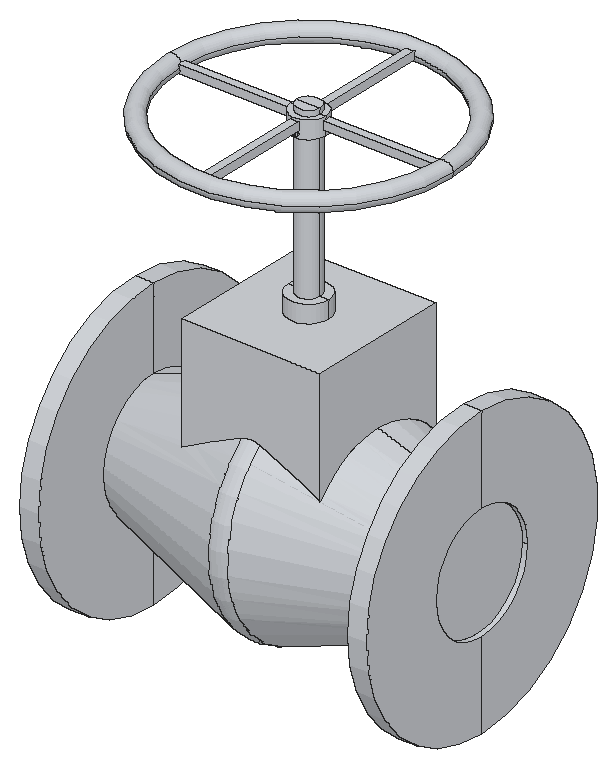
Revit family "Pipe_Accessories-Bellows_Stop_Valve-Spirax_Sarco-BSAT", category Pipe Accessories, Revit 2013 (continued)
Types in the file's own list only (83): name | Weight | WarrantyDurationUnit | TypeName | Type Comments | StemRadius | StemDia | SteerRingRadius | SteerRingDia | SteerRingPosition | Size | RibWidth | RibThickness | ModelNumber | MatchingPipeRadius | MatchingPipeDiameter | Model | LockingScrewRadius | LockingScrewDia | FlangeThickness | FlangeDiameter | CenterBallProfile_2 | CenterBallProfile_1 | C | BonnetWidth | BonnetHeight | BonnetDepth | B | Assembly Code | A
  BSA2T-PN16-DN25 | "5" | "Years" | "BSA2T-PN16-DN25" | "BSA2T-PN16-DN25" | 10.00 mm | 20.00 mm | 9.00 mm | 18.00 mm | 53.50 mm | "BSA2T-PN16-DN25" | 8.00 mm | 6.00 mm | "Stainless Steel Bellows Sealed Stop Valve" | 12.50 mm | 25.00 mm | "Stainless Steel Bellows Sealed Stop Valve" | 2.50 mm | 5.00 mm | 22.00 mm | 125.00 mm | 40.00 mm | 27.50 mm | 125.00 mm | 64.00 mm | 75.00 mm | 62.50 mm | 217.00 mm | "D30" | 160.00 mm
  BSA2T-PN16-DN20 | "4" | "Years" | "BSA2T-PN16-DN20" | "BSA2T-PN16-DN20" | 10.00 mm | 20.00 mm | 9.00 mm | 18.00 mm | 53.50 mm | "BSA2T-PN16-DN20" | 8.00 mm | 6.00 mm | "Stainless Steel Bellows Sealed Stop Valve" | 10.00 mm | 20.00 mm | "Stainless Steel Bellows Sealed Stop Valve" | 2.50 mm | 5.00 mm | 20.00 mm | 125.00 mm | 40.00 mm | 27.50 mm | 125.00 mm | 60.00 mm | 75.00 mm | 62.50 mm | 205.00 mm | "D30" | 150.00 mm
  BSA2T-PN16-DN15 | "4" | "Years" | "BSA2T-PN16-DN15" | "BSA2T-PN16-DN15" | 10.00 mm | 20.00 mm | 9.00 mm | 18.00 mm | 53.50 mm | "BSA2T-PN16-DN15" | 8.00 mm | 6.00 mm | "Stainless Steel Bellows Sealed Stop Valve" | 7.50 mm | 15.00 mm | "Stainless Steel Bellows Sealed Stop Valve" | 2.50 mm | 5.00 mm | 19.50 mm | 125.00 mm | 40.00 mm | 27.50 mm | 125.00 mm | 52.00 mm | 75.00 mm | 62.50 mm | 205.00 mm | "D30" | 130.00 mm
  BSA1T-PN16-DN200 | "145" | "Years" | "BSA1T-PN16-DN200" | "BSA1T-PN16-DN200" | 20.00 mm | 40.00 mm | 15.00 mm | 30.00 mm | 235.00 mm | "BSA1T-PN16-DN200" | 14.00 mm | 14.00 mm | "Stainless Steel Bellows Sealed Stop Valve" | 100.00 mm | 200.00 mm | "Stainless Steel Bellows Sealed Stop Valve" | 3.00 mm | 6.00 mm | 32.00 mm | 500.00 mm | 160.00 mm | 110.00 mm | 500.00 mm | 240.00 mm | 300.00 mm | 250.00 mm | 622.00 mm | "D30" | 600.00 mm
  BSA1T-PN16-DN150 | "75" | "Years" | "BSA1T-PN16-DN150" | "BSA1T-PN16-DN150" | 20.00 mm | 40.00 mm | 15.00 mm | 30.00 mm | 142.50 mm | "BSA1T-PN16-DN150" | 14.00 mm | 14.00 mm | "Stainless Steel Bellows Sealed Stop Valve" | 75.00 mm | 150.00 mm | "Stainless Steel Bellows Sealed Stop Valve" | 3.00 mm | 6.00 mm | 31.00 mm | 315.00 mm | 100.80 mm | 69.30 mm | 315.00 mm | 192.00 mm | 189.00 mm | 157.50 mm | 450.00 mm | "D30" | 480.00 mm
  BSA1T-PN16-DN125 | "52" | "Years" | "BSA1T-PN16-DN125" | "BSA1T-PN16-DN125" | 20.00 mm | 40.00 mm | 15.00 mm | 30.00 mm | 142.50 mm | "BSA1T-PN16-DN125" | 14.00 mm | 14.00 mm | "Stainless Steel Bellows Sealed Stop Valve" | 62.50 mm | 125.00 mm | "Stainless Steel Bellows Sealed Stop Valve" | 3.00 mm | 6.00 mm | 30.00 mm | 315.00 mm | 100.80 mm | 69.30 mm | 315.00 mm | 160.00 mm | 189.00 mm | 157.50 mm | 416.00 mm | "D30" | 400.00 mm
  BSA1T-PN16-DN100 | "36" | "Years" | "BSA1T-PN16-DN100" | "BSA1T-PN16-DN100" | 20.00 mm | 40.00 mm | 15.00 mm | 30.00 mm | 142.50 mm | "BSA1T-PN16-DN100" | 14.00 mm | 14.00 mm | "Stainless Steel Bellows Sealed Stop Valve" | 50.00 mm | 100.00 mm | "Stainless Steel Bellows Sealed Stop Valve" | 3.00 mm | 6.00 mm | 29.00 mm | 315.00 mm | 100.80 mm | 69.30 mm | 315.00 mm | 140.00 mm | 189.00 mm | 157.50 mm | 383.00 mm | "D30" | 350.00 mm
  BSA1T-PN16-DN80 | "21" | "Years" | "BSA1T-PN16-DN80" | "BSA1T-PN16-DN80" | 20.00 mm | 40.00 mm | 12.50 mm | 25.00 mm | 87.50 mm | "BSA1T-PN16-DN80" | 14.00 mm | 14.00 mm | "Stainless Steel Bellows Sealed Stop Valve" | 40.00 mm | 80.00 mm | "Stainless Steel Bellows Sealed Stop Valve" | 3.00 mm | 6.00 mm | 28.00 mm | 200.00 mm | 64.00 mm | 44.00 mm | 200.00 mm | 124.00 mm | 120.00 mm | 100.00 mm | 287.00 mm | "D30" | 310.00 mm
  BSA1T-PN16-DN65 | "16" | "Years" | "BSA1T-PN16-DN65" | "BSA1T-PN16-DN65" | 15.00 mm | 30.00 mm | 12.50 mm | 25.00 mm | 87.50 mm | "BSA1T-PN16-DN65" | 10.00 mm | 10.00 mm | "Stainless Steel Bellows Sealed Stop Valve" | 32.50 mm | 65.00 mm | "Stainless Steel Bellows Sealed Stop Valve" | 3.00 mm | 6.00 mm | 27.00 mm | 200.00 mm | 64.00 mm | 44.00 mm | 200.00 mm | 116.00 mm | 120.00 mm | 100.00 mm | 263.00 mm | "D30" | 290.00 mm
  BSA1T-PN16-DN50 | "12" | "Years" | "BSA1T-PN16-DN50" | "BSA1T-PN16-DN50" | 15.00 mm | 30.00 mm | 12.50 mm | 25.00 mm | 87.50 mm | "BSA1T-PN16-DN50" | 10.00 mm | 10.00 mm | "Stainless Steel Bellows Sealed Stop Valve" | 25.00 mm | 50.00 mm | "Stainless Steel Bellows Sealed Stop Valve" | 3.00 mm | 6.00 mm | 26.00 mm | 200.00 mm | 64.00 mm | 44.00 mm | 200.00 mm | 92.00 mm | 120.00 mm | 100.00 mm | 243.00 mm | "D30" | 230.00 mm
  BSA1T-PN16-DN40 | "10" | "Years" | "BSA1T-PN16-DN40" | "BSA1T-PN16-DN40" | 15.00 mm | 30.00 mm | 12.50 mm | 25.00 mm | 87.50 mm | "BSA1T-PN16-DN40" | 10.00 mm | 10.00 mm | "Stainless Steel Bellows Sealed Stop Valve" | 20.00 mm | 40.00 mm | "Stainless Steel Bellows Sealed Stop Valve" | 2.50 mm | 5.00 mm | 25.00 mm | 200.00 mm | 64.00 mm | 44.00 mm | 200.00 mm | 80.00 mm | 120.00 mm | 100.00 mm | 243.00 mm | "D30" | 200.00 mm
  BSA1T-PN16-DN32 | "7" | "Years" | "BSA1T-PN16-DN32" | "BSA1T-PN16-DN32" | 15.00 mm | 30.00 mm | 12.50 mm | 25.00 mm | 50.00 mm | "BSA1T-PN16-DN32" | 10.00 mm | 10.00 mm | "Stainless Steel Bellows Sealed Stop Valve" | 16.00 mm | 32.00 mm | "Stainless Steel Bellows Sealed Stop Valve" | 2.50 mm | 5.00 mm | 24.00 mm | 125.00 mm | 40.00 mm | 27.50 mm | 125.00 mm | 72.00 mm | 75.00 mm | 62.50 mm | 217.00 mm | "D30" | 180.00 mm
  BSA1T-PN16-DN25 | "5" | "Years" | "BSA1T-PN16-DN25" | "BSA1T-PN16-DN25" | 10.00 mm | 20.00 mm | 9.00 mm | 18.00 mm | 53.50 mm | "BSA1T-PN16-DN25" | 8.00 mm | 6.00 mm | "Stainless Steel Bellows Sealed Stop Valve" | 12.50 mm | 25.00 mm | "Stainless Steel Bellows Sealed Stop Valve" | 2.50 mm | 5.00 mm | 22.00 mm | 125.00 mm | 40.00 mm | 27.50 mm | 125.00 mm | 64.00 mm | 75.00 mm | 62.50 mm | 217.00 mm | "D30" | 160.00 mm
  BSA1T-PN16-DN20 | "4" | "Years" | "BSA1T-PN16-DN20" | "BSA1T-PN16-DN20" | 10.00 mm | 20.00 mm | 9.00 mm | 18.00 mm | 53.50 mm | "BSA1T-PN16-DN20" | 8.00 mm | 6.00 mm | "Stainless Steel Bellows Sealed Stop Valve" | 10.00 mm | 20.00 mm | "Stainless Steel Bellows Sealed Stop Valve" | 2.50 mm | 5.00 mm | 20.00 mm | 125.00 mm | 40.00 mm | 27.50 mm | 125.00 mm | 60.00 mm | 75.00 mm | 62.50 mm | 205.00 mm | "D30" | 150.00 mm
  BSA1T-PN16-DN15 | "4" | "Years" | "BSA1T-PN16-DN15" | "BSA1T-PN16-DN15" | 10.00 mm | 20.00 mm | 9.00 mm | 18.00 mm | 53.50 mm | "BSA1T-PN16-DN15" | 8.00 mm | 6.00 mm | "Stainless Steel Bellows Sealed Stop Valve" | 7.50 mm | 15.00 mm | "Stainless Steel Bellows Sealed Stop Valve" | 2.50 mm | 5.00 mm | 19.50 mm | 125.00 mm | 40.00 mm | 27.50 mm | 125.00 mm | 52.00 mm | 75.00 mm | 62.50 mm | 205.00 mm | "D30" | 130.00 mm
